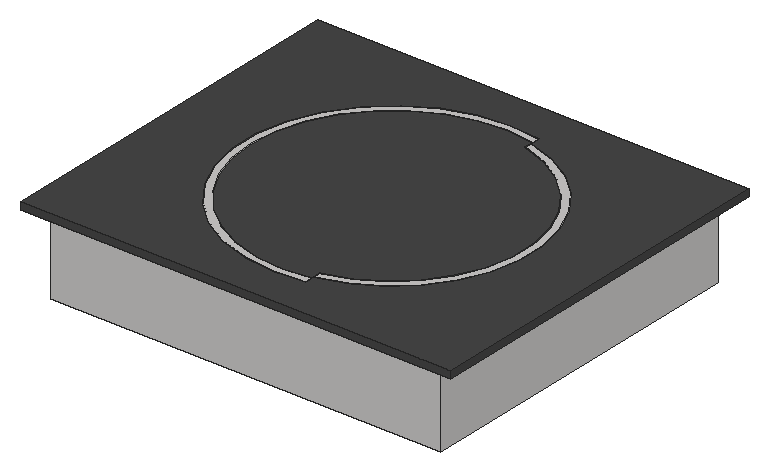
Revit family "QF_Vollrath_5950145", category Specialty Equipment, Revit 2016
Family settings
  Part Type = Normal
  Round Connector Dimension = Use Diameter
  OmniClass Number = 23.40.40.14.17.14
  OmniClass Title = Hot Plates
  Work Plane-Based = No
  Always vertical = Yes
  Cut with Voids When Loaded = No
  Shared = No
  Room Calculation Point = No
Parameters (values of type "5950145")
  Weight in Pounds = 12
  Watts = 450 W
  Watermarked By = "http://revitwatermark.com"
  Volts = 120 V
  URL Cutsheet = ""
  URL = "www.vollrathco.com"
  Status [instance] = ""
  Specification by User [instance] = ""
  Specification by Manufacturer = ""
  Serial Number [instance] = ""
  Seismic Rating [instance] = ""
  Revision Code [instance] = ""
  Phase = 1
  Number of Poles [instance] = 1
  NAFEM Spec ID Number [instance] = ""
  Model = "5950145"
  Masterspec = ""
  Manufacturer = "Vollrath"
  Item Number [instance] = "-"
  Installed By [instance] = ""
  Height AFF [instance] = 2' - 11"
  Furnished By [instance] = ""
  Foodservice Equipment Identifier [instance] = yes
  FL Amps = 3.8 A
  Electrical Remarks [instance] = ""
  Electric Connection Type [instance] = ""
  Elec Conn RI Height [instance] = 0' - 0"
  Elec Conn Connection Height [instance] = Height AFF - 0' 2"  # 2' - 9"
  Description = "Induction Warmer, Drop-In"
  Cycle = 60 Hz
  Conn Plug = "NEMA 5-15P"
  CSI MasterFormat = "11 42 13"
  Assembly Code = "E1090320"
  Apparent Power = if(Phase = 3, Volts * FL Amps * 1.73, Volts * FL Amps)  # 456 VA
Reference planes (in)
  plane 1: z = 0
  plane 2 "LEFT": x = 48.3125
  plane 3 "BACK": y = -50.265
  plane 4 "TOP": z = 35
  plane 5 "FRONT": y = -62.765
  plane 6: y = -47.265
  plane 7 "Right": x = 62.8125
  plane 8 "Box Bottom": z = 32.125
  plane 9: z = 34.75
  plane 10: x = 49
  plane 11: x = 62.125
  plane 12: y = -50.7025
  plane 13: y = -62.3275
  plane 14 "Bottom Clearance": z = 31.125
Forms (in)
  Extrusion 1, solid, material "QF_Finishes_Stainless Steel"
    sketch origin (0, 0, 0) x (1, 0, 0) y (0, 1, 0)
      loop
        line (49, -50.7025) -> (49, -62.3275) -> (62.125, -62.3275) -> (62.125, -50.7025) -> (49, -50.7025)
    from 32.125 to 34.75
  Extrusion 2, solid, material "QF_Finishes_Glazed Black"
    sketch origin (0, 0, 0) x (1, 0, 0) y (0, 1, 0)
      loop
        line (48.3125, -50.265) -> (48.3125, -62.765) -> (62.8125, -62.765) -> (62.8125, -50.265) -> (48.3125, -50.265)
      loop
        arc (56.8375, -51.61896) -> (50.8416, -56.51375) -> (56.8375, -61.40854) r 4.9959
        line (56.8375, -61.40854) -> (56.8375, -61.15248)
        arc (56.8375, -61.15248) -> (51.0922, -56.51375) -> (56.8375, -51.87502) r 4.7453
        line (56.8375, -51.87502) -> (56.8375, -51.61896)
      loop
        arc (56.8375, -61.08836) -> (60.52013, -56.51375) -> (56.8375, -51.93914) r 4.68263
        line (56.8375, -51.93914) -> (56.8375, -52.19616)
        arc (56.8375, -52.19616) -> (60.26939, -56.51375) -> (56.8375, -60.83134) r 4.43189
        line (56.8375, -60.83134) -> (56.8375, -61.08836)
    from 34.75 to 35
  Extrusion 3, solid, material "QF_Finishes_Stainless Steel"
    sketch origin (0, -0.5, 0) x (1, 0, 0) y (0, 1, 0)
      loop
        line (56.8375, -60.90854) -> (56.8375, -60.65248)
        arc (56.8375, -60.65248) -> (51.0922, -56.01375) -> (56.8375, -51.37502) r 4.7453
        line (56.8375, -51.37502) -> (56.8375, -51.11896)
        arc (56.8375, -51.11896) -> (50.8416, -56.01375) -> (56.8375, -60.90854) r 4.9959
      loop
        line (56.8375, -51.43914) -> (56.8375, -51.69616)
        arc (56.8375, -51.69616) -> (60.26939, -56.01375) -> (56.8375, -60.33134) r 4.43189
        line (56.8375, -60.33134) -> (56.8375, -60.58836)
        arc (56.8375, -60.58836) -> (60.52013, -56.01375) -> (56.8375, -51.43914) r 4.68263
    from 34.75 to 35
  Extrusion 4, solid, material "QF_Finishes_Clearances", detail levels coarse
    sketch origin (0, 0, 0) x (1, 0, 0) y (0, 1, 0)
      loop
        line (48.3125, -47.265) -> (48.3125, -50.265) -> (62.8375, -50.265) -> (62.8375, -47.265) -> (48.3125, -47.265)
    from 31.125 to 35
  Extrusion 5, solid, material "QF_Finishes_Clearances", detail levels coarse
    sketch origin (0, 0, 31.125) x (0, -1, 0) y (1, 0, 0)
      loop
        line (50.265, 49) -> (62.3275, 49) -> (62.3275, 62.125) -> (50.265, 62.125) -> (50.265, 49)
    from 0 to 1
  Extrusion 6, solid, material "QF_Finishes_Clearances", detail levels coarse
    sketch origin (0, 0, 32.125) x (0, -1, 0) y (1, 0, 0)
      loop
        line (50.64, 48.875) -> (62.39, 48.875) -> (62.39, 62.25) -> (50.64, 62.25) -> (50.64, 48.875)
      loop
        line (62.3275, 62.1875) -> (50.7025, 62.1875) -> (50.7025, 48.9375) -> (62.3275, 48.9375) -> (62.3275, 62.1875)
    from 0 to 2.625
Lines and regions (in)
  symbolic lines
    curve 1: line (62.8125, -50.265, 0) -> (48.3125, -50.265, 0)
    curve 2: line (62.8125, -62.765, 0) -> (62.8125, -50.265, 0)
    curve 3: line (48.3125, -62.765, 0) -> (62.8125, -62.765, 0)
    curve 4: line (48.3125, -50.265, 0) -> (48.3125, -62.765, 0)
  model lines, style "QF_Cutout"
    curve 5: line (48.875, -50.64, 35) -> (48.875, -50.64, 41)
    curve 6: line (62.25, -50.64, 35) -> (62.25, -50.64, 41)
    curve 7: line (48.875, -62.39, 35) -> (48.875, -62.39, 41)
    curve 8: line (62.25, -62.39, 35) -> (62.25, -62.39, 41)
  symbolic lines, style "QF_Clearances"
    curve 9: line (48.3125, -47.265, 32.125) -> (62.8375, -47.265, 32.125)
  symbolic lines, style "SpecialityEquipment"
    curve 10: line (56.8375, -51.61896, 32.125) -> (56.8375, -51.87502, 32.125)
    curve 11: arc (56.8375, -61.15248, 32.125) -> (51.0922, -56.51375, 32.125) -> (56.8375, -51.87502, 32.125) r 4.7453
    curve 12: arc (56.8375, -51.61896, 32.125) -> (50.8416, -56.51375, 32.125) -> (56.8375, -61.40854, 32.125) r 4.9959
    curve 13: arc (56.8375, -61.08836, 32.125) -> (60.52013, -56.51375, 32.125) -> (56.8375, -51.93914, 32.125) r 4.68263
    curve 14: line (56.8375, -52.19616, 32.125) -> (56.8375, -51.93914, 32.125)
    curve 15: arc (56.8375, -52.19616, 32.125) -> (60.26939, -56.51375, 32.125) -> (56.8375, -60.83134, 32.125) r 4.43189
    curve 16: line (56.8375, -61.08836, 32.125) -> (56.8375, -60.83134, 32.125)
    curve 17: line (56.8375, -61.15248, 32.125) -> (56.8375, -61.40854, 32.125)
Dimensions and locks (in)
  locked: plane 3 "BACK" to plane 6 at 3
  locked: plane 12 to plane 3 "BACK" at 0.4375
  locked: plane 13 to plane 5 "FRONT" at 0.4375
  locked: plane 14 "Bottom Clearance" to plane 8 "Box Bottom" at 1
  locked: plane 2 "LEFT" to plane 7 "Right" at 14.5
  locked: plane 2 "LEFT" to plane 10 at 0.6875
  locked: plane 11 to plane 7 "Right" at 0.6875
  locked: plane 5 "FRONT" to plane 3 "BACK" at 12.5
  locked: plane 4 "TOP" to plane 9 at 0.25
  locked: plane 4 "TOP" to plane 8 "Box Bottom" at 2.875
  "Height AFF": plane 4 "TOP" to level
  locked: Extrusion 6 sketch curve to plane 3 "BACK" at 0.375
  locked: Extrusion 6 sketch curve to plane 5 "FRONT" at 0.375
  locked: plane 2 "LEFT" to Extrusion 6 sketch curve at 0.5625
  Extrusion 6 sketch curve to plane 7 "Right" = 0' - 0 9/16"
  locked: Extrusion 6 sketch curve to Extrusion 6 sketch curve at 0.0625  (x4)
  aligned and locked: level to plane 1
  aligned and locked: plane 8 "Box Bottom" to Extrusion 1
  aligned and locked: Extrusion 2 to plane 9
  aligned and locked: Extrusion 3 to plane 9
  aligned: Extrusion 2 to plane 12
  aligned and locked: plane 4 "TOP" to Extrusion 2
  aligned and locked: plane 4 "TOP" to Extrusion 3
  aligned and locked: plane 4 "TOP" to Extrusion 4
  aligned: plane 8 "Box Bottom" to Extrusion 4
  aligned and locked: plane 14 "Bottom Clearance" to Extrusion 4
  aligned and locked: plane 3 "BACK" to Extrusion 2 sketch curve
  aligned and locked: plane 2 "LEFT" to Extrusion 2 sketch curve
  aligned and locked: plane 5 "FRONT" to Extrusion 2 sketch curve
  aligned and locked: plane 7 "Right" to Extrusion 2 sketch curve
  aligned and locked: plane 9 to Extrusion 6
  aligned and locked: curve 9 to plane 6
  aligned and locked: plane 9 to Extrusion 1
Automatic sketch dimensions
  curve 1 to plane 2 "LEFT" = 0' - 0"
  curve 3 to plane 5 "FRONT" = 0' - 0"
  curve 3 to plane 7 "Right" = 0' - 0"
  plane 3 "BACK" to curve 1 = 0' - 0"
  Extrusion 1 sketch curve to plane 10 = 0' - 0"
  Extrusion 1 sketch curve to plane 11 = 0' - 0"
  Extrusion 1 sketch curve to plane 13 = 0' - 0"
  plane 12 to Extrusion 1 sketch curve = 0' - 0"
  Extrusion 4 sketch curve to plane 2 "LEFT" = 0' - 0"
  plane 3 "BACK" to Extrusion 4 sketch curve = 0' - 0"
  Extrusion 4 sketch curve to plane 6 = 0' - 0"
  Extrusion 4 sketch curve to plane 7 "Right" = 0' - 0.025"
  plane 3 "BACK" to Extrusion 5 sketch curve = 0' - 0"
  Extrusion 5 sketch curve to plane 10 = 0' - 0"
  Extrusion 5 sketch curve to plane 13 = 0' - 0"
  Extrusion 5 sketch curve to plane 11 = 0' - 0"
  plane 11 to Extrusion 2 sketch curve = 0' - 5.2875"
  plane 13 to Extrusion 2 sketch curve = 0' - 1.17502"
  Extrusion 2 sketch curve to Extrusion 2 sketch curve = 0' - 0"  (x8)
  Extrusion 2 sketch curve to Extrusion 2 sketch curve = 0' - 0.25606"
  Extrusion 2 sketch curve to Extrusion 2 sketch curve = 0' - 0.06413"
  Extrusion 2 sketch curve to Extrusion 2 sketch curve = 0' - 0.25701"
  plane 12 to Extrusion 2 sketch curve = 0' - 0.91646"
  Extrusion 2 sketch curve to Extrusion 2 sketch curve = 0' - 1"  (x2)
  Extrusion 3 sketch curve to Extrusion 3 sketch curve = 0' - 0"  (x8)
  plane 10 to Extrusion 3 sketch curve = 0' - 6.8375"
  plane 12 to Extrusion 3 sketch curve = 0' - 0.91646"
  Extrusion 3 sketch curve to Extrusion 3 sketch curve = 0' - 1"  (x2)
  plane 13 to Extrusion 3 sketch curve = 0' - 1.17502"
  Extrusion 3 sketch curve to Extrusion 3 sketch curve = 0' - 0.25606"
  Extrusion 3 sketch curve to Extrusion 3 sketch curve = 0' - 0.06413"
  Extrusion 3 sketch curve to Extrusion 3 sketch curve = 0' - 0.25701"
  Extrusion 6 to curve 5 = 0' - 0"
  Extrusion 6 to curve 6 = 0' - 0"
  curve 5 to Extrusion 6 = 0' - 6 1/4"
  curve 6 to Extrusion 6 = 0' - 6 1/4"
  curve 6 to Extrusion 6 = 0' - 0 1/4"
  curve 5 to Extrusion 6 = 0' - 0 1/4"
  curve 8 to Extrusion 6 = 0' - 0"
  curve 7 to Extrusion 6 = 0' - 0"
  curve 7 to Extrusion 6 = 0' - 6 1/4"
  curve 8 to Extrusion 6 = 0' - 6 1/4"
  curve 8 to Extrusion 6 = 0' - 0 1/4"
  curve 7 to Extrusion 6 = 0' - 0 1/4"
  curve 9 to plane 2 "LEFT" = 0' - 0"
  plane 7 "Right" to curve 9 = 0' - 0.025"
  curve 10 to plane 12 = 0' - 0.91646"
  curve 10 to curve 11 = 0' - 0.25606"
  curve 11 to plane 13 = 0' - 1.17502"
  curve 10 to plane 11 = 0' - 5.2875"
  curve 10 to curve 11 = 0' - 1"
  curve 11 to curve 12 = 0' - 0"  (x2)
  curve 11 to curve 12 = 0' - 0.25606"
  curve 11 to curve 13 = 0' - 0"  (x2)
  curve 10 to curve 13 = 0' - 0.06413"
  curve 13 to curve 11 = 0' - 0.06413"
  curve 14 to curve 10 = 0' - 0"
  curve 11 to curve 15 = 0' - 0"  (x2)
  curve 15 to curve 13 = 0' - 0.25701"
